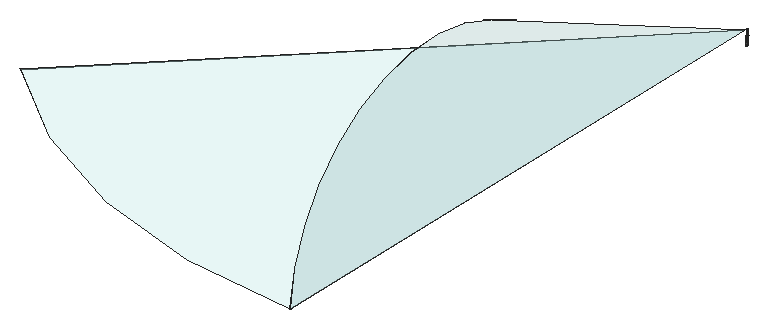
Revit family "Rotor 5000 Series - 5006+PCSAMR", category Acessórios do tubo, Revit 2020
Family settings
  Cota do conector redondo = Utilizar diâmetro
  Tipo de parte = Normal
  Número OmniClass = 23.60.30.11.14
  Título OmniClass = Pipework Fittings
  Com base no plano de trabalho = Não
  Sempre na vertical = Sim
  Corte com vazios quando carregada = Não
  Compartilhado = Não
Parameters (values of type "Rain Curtain 6.0")
  Water = Water
  URL = "https://www.rainbird.com/"
  TABLE 65 = "TABLE 65psi"
  TABLE 55 75 = "TABLE 55 75psi"
  TABLE 55 = "TABLE 55psi"
  TABLE 45 = "TABLE 45psi"
  TABLE 35 = "TABLE 35psi"
  TABLE 25 = "TABLE 25psi"
  SupportProjetos: Reviw Date = ""  # constant formula
  SupportProjetos: Reviw = "R00"  # constant formula
  SupportProjetos: Level of Detail = "LOD 300"  # constant formula
  SupportProjetos: Developed = "MICHEL SOARES MOTA"  # constant formula
  SupportProjetos: Creation Date = "07/08/2020"  # constant formula
  Side inlet = no
  Rotation Water Visibility [instance] = Pop up on  # yes
  Rotation Angle [instance] = 45.00°
  RainBird: Product Link = "https://www.rainbird.com/"
  RainBird: Description = "5006+PC-SAM-R Rotor "  # constant formula
  RainBird: Comment [instance] = ""
  RainBird: Code = "Y65850"  # constant formula
  Radius [instance] = if(and(Pressure = 25.0 psi, Instance < 25 ft), size_lookup(TABLE 25, "Radius", 0 ft, Instance), if(and(Pressure = 35.0 psi, Instance < 25 ft), size_lookup(TABLE 35, "Radius", 0 ft, Instance), if(and(Pressure = 45.0 psi, Instance < 25 ft), size_lookup(TABLE 45, "Radius", 0 ft, Instance), if(and(Pressure = 55.0 psi, Instance < 13 ft), size_lookup(TABLE 55, "Radius", 0 ft, Instance), if(and(Pressure = 65.0 psi, Instance < 13 ft), size_lookup(TABLE 65, "Radius", 0 ft, Instance), if(and(Pressure > 55.0 psi, Instance > 13 ft), size_lookup(TABLE 55 75, "Radius", 0 ft, Instance), 0 ft))))))  # 50 ft
  RT = 0.009893 ft
  RN = 0.032808 ft
  R5 = 0.03937 ft
  R4 = 0.04101 ft
  R3 = 0.065617 ft
  R2 = 0.075407 ft
  R1 = 0.032808 ft
  Pressure [instance] = 55.0 psi
  Pop up height = 0.499 ft  # constant formula
  Pop up on [instance] = yes
  Modelo = "5006+PCSAMR"  # constant formula
  Instance = 7 ft
  H1 = Body height / 3  # 0.268 ft
  Flow [instance] = if(and(Pressure = 25.0 psi, Instance < 25 ft), size_lookup(TABLE 25, "Flow", 0.0 GPM, Instance), if(and(Pressure = 35.0 psi, Instance < 25 ft), size_lookup(TABLE 35, "Flow", 0.0 GPM, Instance), if(and(Pressure = 45.0 psi, Instance < 25 ft), size_lookup(TABLE 45, "Flow", 0.0 GPM, Instance), if(and(Pressure = 55.0 psi, Instance < 13 ft), size_lookup(TABLE 55, "Flow", 0.0 GPM, Instance), if(and(Pressure = 65.0 psi, Instance < 13 ft), size_lookup(TABLE 65, "Flow", 0.0 GPM, Instance), if(and(Pressure > 55.0 psi, Instance > 13 ft), size_lookup(TABLE 55 75, "Flow", 0.0 GPM, Instance), 0.0 GPM))))))  # 6.63 GPM
  Fabricante = "Rain Bird"
  Elevação padrão = 0 ft
  Description = RainBird: Description  # "5006+PC-SAM-R Rotor "
  DD13 = 0.002625 ft
  DD12 = 0.003937 ft
  DD11 = 0.009897 ft
  DD10 = 0.016404 ft
  DD8 [instance] = if(Pop up on, Pop up height, 0 ft)  # 0.499 ft
  DD7 = 0.019685 ft
  DD6 [instance] = 0.016404 ft
  DD5 = 0.065617 ft
  DD4 = 0.032808 ft
  DD3 = 0.091048 ft
  DD2 [instance] = 0.024514 ft
  DD9 [instance] = if(Pop up on, Pop up height + 0.049541 ft, 0 ft)  # 0.548541 ft
  DD1 = 0.006562 ft
  Conection = 0.062664 ft  # constant formula
  Body height = 0.804 ft  # constant formula
  Blue = Blue Plastic
  Black Plastic = Black Plastic
  Angle = 25.00°
Types (25, lengths in ft): name | Rotation Angle | Radius | Pressure | Instance | Flow
  (no name) | 45.00° | 50 | 55.0 psi | 7 | 6.63 GPM
  Rain Curtain 1.5 | 180.00° | 33 | 25.0 psi | 1 | 1.12 GPM
  Rain Curtain 2.0 | 180.00° | 35 | 25.0 psi | 2 | 1.5 GPM
  Rain Curtain 3.0 | 180.00° | 36 | 25.0 psi | 4 | 2.26 GPM
  Rain Curtain 4.0 | 180.00° | 36 | 25.0 psi | 5 | 2.91 GPM
  Rain Curtain 5.0 | 180.00° | 37 | 25.0 psi | 6 | 3.72 GPM
  Rain Curtain 6.0 | 45.00° | 50 | 55.0 psi | 7 | 6.63 GPM
  Rain Curtain 8.0 | 180.00° | 33 | 25.0 psi | 8 | 5.9 GPM
  Rain Curtain 2.5 | 180.00° | 35 | 25.0 psi | 3 | 1.81 GPM
  1.0 LA | 180.00° | 25 | 25.0 psi | 9 | 0.76 GPM
  1.5 LA | 180.00° | 27 | 25.0 psi | 10 | 1.15 GPM
  2.0 LA | 180.00° | 29 | 25.0 psi | 11 | 1.47 GPM
  3.0 LA | 180.00° | 29 | 25.0 psi | 12 | 2.23 GPM
  PRS Rain Curtain 1.5 | 180.00° | 33 | 25.0 psi | 13 | 1.12 GPM
  PRS Rain Curtain 2.0 | 180.00° | 35 | 25.0 psi | 14 | 1.5 GPM
  PRS Rain Curtain 2.5 | 180.00° | 35 | 25.0 psi | 15 | 1.81 GPM
  PRS Rain Curtain 3.0 | 180.00° | 36 | 25.0 psi | 16 | 2.26 GPM
  PRS Rain Curtain 4.0 | 180.00° | 36 | 25.0 psi | 17 | 2.91 GPM
  PRS Rain Curtain 5.0 | 180.00° | 37 | 25.0 psi | 18 | 3.72 GPM
  PRS Rain Curtain 6.0 | 180.00° | 37 | 25.0 psi | 19 | 4.25 GPM
  PRS Rain Curtain 8.0 | 180.00° | 33 | 25.0 psi | 20 | 5.9 GPM
  PRS 1.0 LA | 180.00° | 25 | 25.0 psi | 21 | 0.76 GPM
  PRS 1.5 LA | 180.00° | 27 | 25.0 psi | 22 | 1.15 GPM
  PRS 2.0 LA | 180.00° | 29 | 25.0 psi | 23 | 1.47 GPM
  PRS 3.0 LA | 180.00° | 29 | 25.0 psi | 24 | 2.23 GPM
Reference planes (ft)
  plane 1 "Centro (Frente/Trás)": y = 0
  plane 2: z = 0
  plane 3 "Centro (Esquerda/Direita)": x = 0
  plane 4: z = 0.003937
  plane 5: z = 0.002625
  plane 6: y = -0.065617
Forms (ft)
  Revolve 1, solid, material "Black Plastic" <- "Black Plastic"
    sketch origin (0, 0, 0) x (1, 0, 0) y (0, 0, 1)
      loop
        line (0.075407, -0.091048) -> (0.075407, -0.035324)
        arc (0.075407, -0.035324) -> (0.072509, -0.028329) -> (0.065514, -0.025431) r 0.009893
        line (0.065514, -0.025431) -> (0.046098, -0.025431) -> (0.046098, 0) -> (0.03937, 0) -> (0.03937, -0.499) -> (0.019685, -0.499) -> (0.019685, -0.797438) -> (0.032808, -0.797438) -> (0.032808, -0.804) -> (0.04101, -0.804) -> (0.04101, -0.797438) -> (0.055724, -0.797438)
        arc (0.055724, -0.797438) -> (0.062719, -0.794541) -> (0.065617, -0.787545) r 0.009893
        line (0.065617, -0.787545) -> (0.065617, -0.091048) -> (0.075407, -0.091048)
      axis (0, -0.804) -> (0, 0)
    angle from 0 to 360
  Extrusion 2, solid, material "Black Plastic" <- "Black Plastic"
    sketch origin (0, 0, 0) x (1, 0, 0) y (0, 1, 0)
      loop
        circle (0, 0) r 0.032808
    from -0.499 to 0.499
  Extrusion 3, void
    sketch origin (0, 0, 0) x (1, 0, 0) y (0, 1, 0)
      loop
        circle (0, 0) r 0.022844
    from -0.499 to 0.499
  Revolve 4, solid, material "Black Plastic" <- "Black Plastic"
    sketch origin (0, 0, 0) x (1, 0, 0) y (0, 0, 1)
      loop
        line (0, 0.499) -> (0.037004, 0.499) -> (0.037004, 0.508897)
        arc (0.037004, 0.508897) -> (0.01879, 0.51379) -> (0, 0.515404) r 0.10685
        line (0, 0.515404) -> (0, 0.499)
      axis (0, 0.499) -> (0, 0.515404)
    angle from 0 to 360
  Extrusion 5, solid, material "Blue Plastic" <- "Blue"
    sketch origin (0, 0, 0) x (1, 0, 0) y (0, 0, 1)
      loop
        circle (0, 0.474486) r 0.009129
      loop
        circle (0, 0.474486) r 0.004793
    from 0 to 0.034386
  Extrusion 6, void
    sketch origin (0, 0, 0) x (1, 0, 0) y (0, 0, 1)
      loop
        line (-0.02074, 0.328055) -> (-0.02074, 0.282426) -> (0.020672, 0.282426) -> (0.020672, 0.328055) -> (-0.02074, 0.328055)
      loop
        line (-0.018439, 0.325179) -> (-0.018439, 0.285685) -> (0.018179, 0.285685) -> (0.018179, 0.325179) -> (-0.018439, 0.325179)
    from 0.024556 to 0.06931
  Extrusion 7, solid, material "Black Plastic" <- "Black Plastic"
    sketch origin (0, 0, 0) x (1, 0, 0) y (0, 0, 1)
      loop
        line (0.046098, 0) -> (0.046098, -0.036876) -> (0.073493, -0.036876) -> (0.046098, 0)
    from -0.002998 to 0.002998
  Extrusion 8, solid, material "Black Plastic" <- "Black Plastic"
    sketch origin (0, 0, 0) x (-1, 0, 0) y (0, 0, -1)
      loop
        line (0.046098, 0) -> (0.073493, 0.036876) -> (0.046098, 0.036876) -> (0.046098, 0)
    from -0.002998 to 0.002998
  Extrusion 9, solid, material "Black Plastic" <- "Black Plastic"
    sketch origin (0, 0, 0) x (0.866025, 0.5, 0) y (0, 0, 1)
      loop
        line (0.046098, 0) -> (0.046098, -0.036876) -> (0.073493, -0.036876) -> (0.046098, 0)
    from -0.002998 to 0.002998
  Extrusion 10, solid, material "Black Plastic" <- "Black Plastic"
    sketch origin (0, 0, 0) x (-0.866025, -0.5, 0) y (0, 0, -1)
      loop
        line (0.046098, 0) -> (0.073493, 0.036876) -> (0.046098, 0.036876) -> (0.046098, 0)
    from -0.002998 to 0.002998
  Extrusion 11, solid, material "Black Plastic" <- "Black Plastic"
    sketch origin (0, 0, 0) x (0, 1, 0) y (0, 0, 1)
      loop
        line (0.046098, 0) -> (0.046098, -0.036876) -> (0.073493, -0.036876) -> (0.046098, 0)
    from -0.002998 to 0.002998
  Extrusion 12, solid, material "Black Plastic" <- "Black Plastic"
    sketch origin (0, 0, 0) x (0, -1, 0) y (0, 0, -1)
      loop
        line (0.046098, 0) -> (0.073493, 0.036876) -> (0.046098, 0.036876) -> (0.046098, 0)
    from -0.002998 to 0.002998
  Extrusion 13, solid, material "Black Plastic" <- "Black Plastic"
    sketch origin (0, 0, 0) x (0.5, 0.866025, 0) y (0, 0, 1)
      loop
        line (0.046098, 0) -> (0.046098, -0.036876) -> (0.073493, -0.036876) -> (0.046098, 0)
    from -0.002998 to 0.002998
  Extrusion 14, solid, material "Black Plastic" <- "Black Plastic"
    sketch origin (0, 0, 0) x (-0.5, -0.866025, 0) y (0, 0, -1)
      loop
        line (0.046098, 0) -> (0.073493, 0.036876) -> (0.046098, 0.036876) -> (0.046098, 0)
    from -0.002998 to 0.002998
  Extrusion 15, solid, material "Black Plastic" <- "Black Plastic"
    sketch origin (0, 0, 0) x (-0.5, 0.866025, 0) y (0, 0, 1)
      loop
        line (0.046098, 0) -> (0.046098, -0.036876) -> (0.073493, -0.036876) -> (0.046098, 0)
    from -0.002998 to 0.002998
  Extrusion 16, solid, material "Black Plastic" <- "Black Plastic"
    sketch origin (0, 0, 0) x (0.5, -0.866025, 0) y (0, 0, -1)
      loop
        line (0.046098, 0) -> (0.073493, 0.036876) -> (0.046098, 0.036876) -> (0.046098, 0)
    from -0.002998 to 0.002998
  Extrusion 17, solid, material "Black Plastic" <- "Black Plastic"
    sketch origin (0, 0, 0) x (-0.866025, 0.5, 0) y (0, 0, 1)
      loop
        line (0.046098, 0) -> (0.046098, -0.036876) -> (0.073493, -0.036876) -> (0.046098, 0)
    from -0.002998 to 0.002998
  Extrusion 18, solid, material "Black Plastic" <- "Black Plastic"
    sketch origin (0, 0, 0) x (0.866025, -0.5, 0) y (0, 0, -1)
      loop
        line (0.046098, 0) -> (0.073493, 0.036876) -> (0.046098, 0.036876) -> (0.046098, 0)
    from -0.002998 to 0.002998
  Extrusion 19, void
    sketch origin (0, 0, 0) x (1, 0, 0) y (0, 1, 0)
      loop
        line (-0.002998, 0.077702) -> (-0.002998, 0.071655) -> (0.002998, 0.071655) -> (0.002998, 0.077702) -> (-0.002998, 0.077702)
    from -0.091048 to 0.82021
  Extrusion 20, void
    sketch origin (0, 0, 0) x (1, 0, 0) y (0, 1, 0)
      loop
        line (0.002998, -0.077702) -> (0.002998, -0.071655) -> (-0.002998, -0.071655) -> (-0.002998, -0.077702) -> (0.002998, -0.077702)
    from -0.091048 to 0.82021
  Extrusion 21, void
    sketch origin (0, 0, 0) x (0.965926, 0.258819, 0) y (-0.258819, 0.965926, 0)
      loop
        line (-0.002998, 0.077702) -> (-0.002998, 0.071655) -> (0.002998, 0.071655) -> (0.002998, 0.077702) -> (-0.002998, 0.077702)
    from -0.091048 to 0.82021
  Extrusion 22, void
    sketch origin (0, 0, 0) x (0.965926, 0.258819, 0) y (-0.258819, 0.965926, 0)
      loop
        line (0.002998, -0.077702) -> (0.002998, -0.071655) -> (-0.002998, -0.071655) -> (-0.002998, -0.077702) -> (0.002998, -0.077702)
    from -0.091048 to 0.82021
  Extrusion 23, void
    sketch origin (0, 0, 0) x (0.866025, 0.5, 0) y (-0.5, 0.866025, 0)
      loop
        line (-0.002998, 0.077702) -> (-0.002998, 0.071655) -> (0.002998, 0.071655) -> (0.002998, 0.077702) -> (-0.002998, 0.077702)
    from -0.091048 to 0.82021
  Extrusion 24, void
    sketch origin (0, 0, 0) x (0.866025, 0.5, 0) y (-0.5, 0.866025, 0)
      loop
        line (0.002998, -0.077702) -> (0.002998, -0.071655) -> (-0.002998, -0.071655) -> (-0.002998, -0.077702) -> (0.002998, -0.077702)
    from -0.091048 to 0.82021
  Extrusion 25, void
    sketch origin (0, 0, 0) x (0.5, 0.866025, 0) y (-0.866025, 0.5, 0)
      loop
        line (-0.002998, 0.077702) -> (-0.002998, 0.071655) -> (0.002998, 0.071655) -> (0.002998, 0.077702) -> (-0.002998, 0.077702)
    from -0.091048 to 0.82021
  Extrusion 26, void
    sketch origin (0, 0, 0) x (0.5, 0.866025, 0) y (-0.866025, 0.5, 0)
      loop
        line (0.002998, -0.077702) -> (0.002998, -0.071655) -> (-0.002998, -0.071655) -> (-0.002998, -0.077702) -> (0.002998, -0.077702)
    from -0.091048 to 0.82021
  Extrusion 27, void
    sketch origin (0, 0, 0) x (0.707107, 0.707107, 0) y (-0.707107, 0.707107, 0)
      loop
        line (-0.002998, 0.077702) -> (-0.002998, 0.071655) -> (0.002998, 0.071655) -> (0.002998, 0.077702) -> (-0.002998, 0.077702)
    from -0.091048 to 0.82021
  Extrusion 28, void
    sketch origin (0, 0, 0) x (0.707107, 0.707107, 0) y (-0.707107, 0.707107, 0)
      loop
        line (0.002998, -0.077702) -> (0.002998, -0.071655) -> (-0.002998, -0.071655) -> (-0.002998, -0.077702) -> (0.002998, -0.077702)
    from -0.091048 to 0.82021
  Extrusion 29, void
    sketch origin (0, 0, 0) x (0.258819, 0.965926, 0) y (-0.965926, 0.258819, 0)
      loop
        line (-0.002998, 0.077702) -> (-0.002998, 0.071655) -> (0.002998, 0.071655) -> (0.002998, 0.077702) -> (-0.002998, 0.077702)
    from -0.091048 to 0.82021
  Extrusion 30, void
    sketch origin (0, 0, 0) x (0.258819, 0.965926, 0) y (-0.965926, 0.258819, 0)
      loop
        line (0.002998, -0.077702) -> (0.002998, -0.071655) -> (-0.002998, -0.071655) -> (-0.002998, -0.077702) -> (0.002998, -0.077702)
    from -0.091048 to 0.82021
  Extrusion 31, void
    sketch origin (0, 0, 0) x (0, 1, 0) y (-1, 0, 0)
      loop
        line (-0.002998, 0.077702) -> (-0.002998, 0.071655) -> (0.002998, 0.071655) -> (0.002998, 0.077702) -> (-0.002998, 0.077702)
    from -0.091048 to 0.82021
  Extrusion 32, void
    sketch origin (0, 0, 0) x (0, 1, 0) y (-1, 0, 0)
      loop
        line (0.002998, -0.077702) -> (0.002998, -0.071655) -> (-0.002998, -0.071655) -> (-0.002998, -0.077702) -> (0.002998, -0.077702)
    from -0.091048 to 0.82021
  Extrusion 33, void
    sketch origin (0, 0, 0) x (-0.258819, 0.965926, 0) y (-0.965926, -0.258819, 0)
      loop
        line (-0.002998, 0.077702) -> (-0.002998, 0.071655) -> (0.002998, 0.071655) -> (0.002998, 0.077702) -> (-0.002998, 0.077702)
    from -0.091048 to 0.82021
  Extrusion 34, void
    sketch origin (0, 0, 0) x (-0.258819, 0.965926, 0) y (-0.965926, -0.258819, 0)
      loop
        line (0.002998, -0.077702) -> (0.002998, -0.071655) -> (-0.002998, -0.071655) -> (-0.002998, -0.077702) -> (0.002998, -0.077702)
    from -0.091048 to 0.82021
  Extrusion 35, void
    sketch origin (0, 0, 0) x (-0.5, 0.866025, 0) y (-0.866025, -0.5, 0)
      loop
        line (-0.002998, 0.077702) -> (-0.002998, 0.071655) -> (0.002998, 0.071655) -> (0.002998, 0.077702) -> (-0.002998, 0.077702)
    from -0.091048 to 0.82021
  Extrusion 36, void
    sketch origin (0, 0, 0) x (-0.5, 0.866025, 0) y (-0.866025, -0.5, 0)
      loop
        line (0.002998, -0.077702) -> (0.002998, -0.071655) -> (-0.002998, -0.071655) -> (-0.002998, -0.077702) -> (0.002998, -0.077702)
    from -0.091048 to 0.82021
  Extrusion 37, void
    sketch origin (0, 0, 0) x (-0.707107, 0.707107, 0) y (-0.707107, -0.707107, 0)
      loop
        line (-0.002998, 0.077702) -> (-0.002998, 0.071655) -> (0.002998, 0.071655) -> (0.002998, 0.077702) -> (-0.002998, 0.077702)
    from -0.091048 to 0.82021
  Extrusion 38, void
    sketch origin (0, 0, 0) x (-0.707107, 0.707107, 0) y (-0.707107, -0.707107, 0)
      loop
        line (0.002998, -0.077702) -> (0.002998, -0.071655) -> (-0.002998, -0.071655) -> (-0.002998, -0.077702) -> (0.002998, -0.077702)
    from -0.091048 to 0.82021
  Extrusion 39, void
    sketch origin (0, 0, 0) x (-0.866025, 0.5, 0) y (-0.5, -0.866025, 0)
      loop
        line (-0.002998, 0.077702) -> (-0.002998, 0.071655) -> (0.002998, 0.071655) -> (0.002998, 0.077702) -> (-0.002998, 0.077702)
    from -0.091048 to 0.82021
  Extrusion 40, void
    sketch origin (0, 0, 0) x (-0.866025, 0.5, 0) y (-0.5, -0.866025, 0)
      loop
        line (0.002998, -0.077702) -> (0.002998, -0.071655) -> (-0.002998, -0.071655) -> (-0.002998, -0.077702) -> (0.002998, -0.077702)
    from -0.091048 to 0.82021
  Extrusion 41, void
    sketch origin (0, 0, 0) x (-0.965926, 0.258819, 0) y (-0.258819, -0.965926, 0)
      loop
        line (-0.002998, 0.077702) -> (-0.002998, 0.071655) -> (0.002998, 0.071655) -> (0.002998, 0.077702) -> (-0.002998, 0.077702)
    from -0.091048 to 0.82021
  Extrusion 42, void
    sketch origin (0, 0, 0) x (-0.965926, 0.258819, 0) y (-0.258819, -0.965926, 0)
      loop
        line (0.002998, -0.077702) -> (0.002998, -0.071655) -> (-0.002998, -0.071655) -> (-0.002998, -0.077702) -> (0.002998, -0.077702)
    from -0.091048 to 0.82021
  Extrusion 43, solid, material "Water" <- "Water", visible <- "Rotation Water Visibility"
    sketch origin (0, 0, 0) x (0, 1, 0) y (0, 0, 1)
      loop
        line (-0.032808, 0.474486) -> (-27.969074, 13.50138)
        arc (-27.969074, 13.50138) -> (-42.432078, 12.799272) -> (-50.032808, 0.474486) r 15.534311
        line (-50.032808, 0.474486) -> (-0.032808, 0.474486)
    from -0.008202 to 0.008202
Cuts and joins
  Extrusion 3, Extrusion 6 cuts Extrusion 2
  Extrusion 19, Extrusion 20, Extrusion 21, Extrusion 22, Extrusion 23, Extrusion 24, Extrusion 25, Extrusion 26, Extrusion 27, Extrusion 28, Extrusion 29, Extrusion 30, Extrusion 31, Extrusion 32, Extrusion 33, Extrusion 34, Extrusion 35, Extrusion 36, Extrusion 37, Extrusion 38, Extrusion 39, Extrusion 40, Extrusion 41, Extrusion 42 cuts Revolve 1
Dimensions and locks (ft)
  "Body height": level to Revolve 1 sketch curve
  "R2": Revolve 1 sketch curve to plane 3 "Centro (Esquerda/Direita)"
  "DD1": Revolve 1 sketch curve to Revolve 1 sketch curve
  "DD3": level to Revolve 1 sketch curve
  Revolve 1 sketch curve to plane 3 "Centro (Esquerda/Direita)" = 0.065617 ft
  "R4": Revolve 1 sketch curve to plane 3 "Centro (Esquerda/Direita)"
  "RN": Revolve 1 sketch curve to plane 3 "Centro (Esquerda/Direita)"
  "Pop up height": level to Revolve 1 sketch curve
  "R5": plane 3 "Centro (Esquerda/Direita)" to Revolve 1 sketch curve
  "DD7": Revolve 1 sketch curve to plane 3 "Centro (Esquerda/Direita)"
  "DD8": Extrusion 2 to level
  "DD12": plane 4 to level
  "DD13": plane 5 to level
  "R3": plane 6 to plane 1 "Centro (Frente/Trás)"
  "DD5": Revolve 1 sketch curve to Revolve 1 sketch curve
  "DD10": Revolve 4 sketch curve to Revolve 4 sketch curve
  "DD11": Revolve 4 sketch curve to Revolve 4 sketch curve
  "DD2": Revolve 4 to Extrusion 5 sketch curve  (x2)
  Extrusion 7 to plane 3 "Centro (Esquerda/Direita)" = 0.046098 ft
  equal spacing: Extrusion 7, plane 1 "Centro (Frente/Trás)", Extrusion 7
  Extrusion 8 to Extrusion 8 = 0.005995 ft
  Extrusion 9 to Extrusion 9 = 0.005995 ft
  Extrusion 20 sketch curve to Extrusion 20 sketch curve = 0.005995 ft
  Extrusion 22 sketch curve to Extrusion 22 sketch curve = 0.005995 ft
  Extrusion 24 sketch curve to Extrusion 24 sketch curve = 0.005995 ft
  Extrusion 26 sketch curve to Extrusion 26 sketch curve = 0.005995 ft
  Extrusion 28 sketch curve to Extrusion 28 sketch curve = 0.005995 ft
  Extrusion 30 sketch curve to Extrusion 30 sketch curve = 0.005995 ft
  Extrusion 32 sketch curve to Extrusion 32 sketch curve = 0.005995 ft
  Extrusion 34 sketch curve to Extrusion 34 sketch curve = 0.005995 ft
  Extrusion 36 sketch curve to Extrusion 36 sketch curve = 0.005995 ft
  Extrusion 38 sketch curve to Extrusion 38 sketch curve = 0.005995 ft
  Extrusion 40 sketch curve to Extrusion 40 sketch curve = 0.005995 ft
  Extrusion 42 sketch curve to Extrusion 42 sketch curve = 0.005995 ft
  "DD4": plane 1 "Centro (Frente/Trás)" to Extrusion 43 sketch curve
  "DD2": Revolve 4 to Extrusion 43 sketch curve
  "Radius": Extrusion 43 sketch curve to Extrusion 43 sketch curve
  equal spacing: Extrusion 43, plane 3 "Centro (Esquerda/Direita)", Extrusion 43
  "DD6": Extrusion 43 to Extrusion 43
  "DD2": Revolve 4 to nested 1
  "RT": radius of Revolve 1 sketch curve  (x2)
  "R1": radius of Extrusion 2 sketch curve
  "Angle": angle Extrusion 43 sketch curve to Extrusion 43 sketch curve
  aligned and locked: level to plane 2
  aligned and locked: Revolve 1 sketch curve to Revolve 1 sketch curve
  aligned and locked: Extrusion 2 to Revolve 1
  aligned and locked: cut or joined group of Extrusion 2, Extrusion 3, Extrusion 6 to cut or joined group of Extrusion 2, Extrusion 3, Extrusion 6  (x2)
  aligned and locked: Revolve 4 sketch curve to cut or joined group of Extrusion 2, Extrusion 3, Extrusion 6
  aligned and locked: Extrusion 20 to Revolve 1
  aligned and locked: Extrusion 22 to Revolve 1
  aligned and locked: Extrusion 24 to Revolve 1
  aligned and locked: Extrusion 28 to Revolve 1
  aligned and locked: Extrusion 26 to Revolve 1
  aligned and locked: Extrusion 30 to Revolve 1
  aligned and locked: Extrusion 32 to Revolve 1
  aligned and locked: Extrusion 34 to Revolve 1
  aligned and locked: Revolve 1 to Extrusion 36
  aligned and locked: Revolve 1 to Extrusion 38
  aligned and locked: Extrusion 41 to Revolve 1
  aligned and locked: Extrusion 39 to Revolve 1
  aligned and locked: Extrusion 37 to Revolve 1
  aligned and locked: Extrusion 35 to Revolve 1
  aligned and locked: Extrusion 33 to Revolve 1
  aligned and locked: Extrusion 31 to Revolve 1
  aligned and locked: Extrusion 29 to Revolve 1
  aligned and locked: Revolve 1 to Extrusion 25
  aligned and locked: Revolve 1 to Extrusion 27
  aligned and locked: Revolve 1 to Extrusion 19
  aligned and locked: Revolve 1 to Extrusion 21
  aligned and locked: Revolve 1 to Extrusion 42
  aligned and locked: Revolve 1 to Extrusion 40
  aligned and locked: Revolve 1 to Extrusion 23
Automatic sketch dimensions
  plane 1 "Centro (Frente/Trás)" to Extrusion 2 sketch curve = 0 ft
  Extrusion 2 sketch curve to plane 3 "Centro (Esquerda/Direita)" = 0 ft
  plane 1 "Centro (Frente/Trás)" to Extrusion 3 sketch curve = 0 ft
  Extrusion 3 sketch curve to plane 3 "Centro (Esquerda/Direita)" = 0 ft
  Revolve 4 sketch curve to plane 3 "Centro (Esquerda/Direita)" = 0 ft  (x2)
  plane 3 "Centro (Esquerda/Direita)" to Revolve 4 sketch curve = 0.000284 ft
  plane 3 "Centro (Esquerda/Direita)" to Revolve 4 sketch curve = 0.037004 ft
  Revolve 4 sketch curve to Revolve 4 sketch curve = 0.015719 ft
  Revolve 4 sketch curve to Revolve 4 sketch curve = 0.114829 ft
  Extrusion 5 sketch curve to Extrusion 5 sketch curve = 0 ft
  Extrusion 5 sketch curve to plane 3 "Centro (Esquerda/Direita)" = 0 ft
  Extrusion 6 sketch curve to plane 3 "Centro (Esquerda/Direita)" = 0.02074 ft
  Extrusion 6 sketch curve to Extrusion 6 sketch curve = 0.002301 ft
  plane 3 "Centro (Esquerda/Direita)" to Extrusion 6 sketch curve = 0.018179 ft
  Extrusion 6 sketch curve to Extrusion 6 sketch curve = 0.002492 ft
  plane 4 to Extrusion 6 sketch curve = 0.278489 ft
  Extrusion 6 sketch curve to Extrusion 6 sketch curve = 0.003259 ft
  Extrusion 6 sketch curve to Extrusion 6 sketch curve = 0.039494 ft
  Extrusion 6 sketch curve to Extrusion 6 sketch curve = 0.002876 ft
  Extrusion 7 sketch curve to level = 0 ft
  plane 3 "Centro (Esquerda/Direita)" to Extrusion 7 sketch curve = 0.046098 ft
  Extrusion 7 sketch curve to Extrusion 7 sketch curve = 0.027396 ft
  Extrusion 7 sketch curve to Extrusion 7 sketch curve = 0.036876 ft
  Extrusion 8 sketch curve to level = 0 ft
  plane 3 "Centro (Esquerda/Direita)" to Extrusion 8 sketch curve = 0.046098 ft
  Extrusion 8 sketch curve to Extrusion 8 sketch curve = 0.027396 ft
  Extrusion 8 sketch curve to Extrusion 8 sketch curve = 0.036876 ft
  Extrusion 9 sketch curve to level = 0 ft
  Extrusion 9 sketch curve to level = 0.036876 ft
  Extrusion 9 sketch curve to Extrusion 9 sketch curve = 0.027396 ft
  Extrusion 10 sketch curve to level = 0 ft
  Extrusion 10 sketch curve to level = 0.036876 ft
  Extrusion 10 sketch curve to Extrusion 10 sketch curve = 0.027396 ft
  Extrusion 11 sketch curve to level = 0 ft
  Extrusion 11 sketch curve to plane 1 "Centro (Frente/Trás)" = 0.046098 ft
  Extrusion 11 sketch curve to Extrusion 11 sketch curve = 0.027396 ft
  Extrusion 11 sketch curve to Extrusion 11 sketch curve = 0.036876 ft
  Extrusion 12 sketch curve to level = 0 ft
  plane 6 to Extrusion 12 sketch curve = 0.019519 ft
  Extrusion 12 sketch curve to plane 6 = 0.007877 ft
  Extrusion 12 sketch curve to level = 0.036876 ft
  Extrusion 13 sketch curve to level = 0 ft
  Extrusion 13 sketch curve to level = 0.036876 ft
  Extrusion 13 sketch curve to Extrusion 13 sketch curve = 0.027396 ft
  Extrusion 14 sketch curve to level = 0 ft
  Extrusion 14 sketch curve to level = 0.036876 ft
  Extrusion 14 sketch curve to Extrusion 14 sketch curve = 0.027396 ft
  level to Extrusion 15 sketch curve = 0 ft
  Extrusion 15 sketch curve to level = 0.036876 ft
  Extrusion 15 sketch curve to Extrusion 15 sketch curve = 0.027396 ft
  level to Extrusion 16 sketch curve = 0 ft
  Extrusion 16 sketch curve to level = 0.036876 ft
  Extrusion 16 sketch curve to Extrusion 16 sketch curve = 0.027396 ft
  level to Extrusion 17 sketch curve = 0 ft
  Extrusion 17 sketch curve to level = 0.036876 ft
  Extrusion 17 sketch curve to Extrusion 17 sketch curve = 0.027396 ft
  level to Extrusion 18 sketch curve = 0 ft
  Extrusion 18 sketch curve to level = 0.036876 ft
  Extrusion 18 sketch curve to Extrusion 18 sketch curve = 0.027396 ft
  Extrusion 19 sketch curve to plane 3 "Centro (Esquerda/Direita)" = 0.002998 ft
  Extrusion 19 sketch curve to plane 1 "Centro (Frente/Trás)" = 0.071655 ft
  Extrusion 19 sketch curve to Extrusion 19 sketch curve = 0.006047 ft
  plane 3 "Centro (Esquerda/Direita)" to Extrusion 20 sketch curve = 0.002998 ft
  plane 6 to Extrusion 20 sketch curve = 0.006038 ft
  Extrusion 20 sketch curve to Extrusion 20 sketch curve = 0.006047 ft
  plane 3 "Centro (Esquerda/Direita)" to Extrusion 19 sketch curve = 0.002998 ft
  Extrusion 21 sketch curve to plane 3 "Centro (Esquerda/Direita)" = 0.021441 ft
  Extrusion 21 sketch curve to plane 1 "Centro (Frente/Trás)" = 0.068438 ft
  Extrusion 21 sketch curve to Extrusion 21 sketch curve = 0.005995 ft
  Extrusion 21 sketch curve to Extrusion 21 sketch curve = 0.006047 ft
  Extrusion 22 sketch curve to plane 6 = 0.010213 ft
  plane 3 "Centro (Esquerda/Direita)" to Extrusion 22 sketch curve = 0.017215 ft
  Extrusion 22 sketch curve to Extrusion 22 sketch curve = 0.006047 ft
  Extrusion 23 sketch curve to plane 3 "Centro (Esquerda/Direita)" = 0.038424 ft
  Extrusion 23 sketch curve to plane 1 "Centro (Frente/Trás)" = 0.060556 ft
  Extrusion 23 sketch curve to Extrusion 23 sketch curve = 0.005995 ft
  Extrusion 23 sketch curve to Extrusion 23 sketch curve = 0.006047 ft
  Extrusion 24 sketch curve to plane 6 = 0.003174 ft
  plane 3 "Centro (Esquerda/Direita)" to Extrusion 24 sketch curve = 0.036255 ft
  Extrusion 24 sketch curve to Extrusion 24 sketch curve = 0.006047 ft
  Extrusion 25 sketch curve to plane 1 "Centro (Frente/Trás)" = 0.033231 ft
  Extrusion 25 sketch curve to plane 3 "Centro (Esquerda/Direita)" = 0.063554 ft
  Extrusion 25 sketch curve to Extrusion 25 sketch curve = 0.005995 ft
  Extrusion 25 sketch curve to Extrusion 25 sketch curve = 0.006047 ft
  Extrusion 26 sketch curve to plane 6 = 0.02417 ft
  Extrusion 26 sketch curve to plane 3 "Centro (Esquerda/Direita)" = 0.065793 ft
  Extrusion 26 sketch curve to Extrusion 26 sketch curve = 0.006047 ft
  Extrusion 27 sketch curve to plane 1 "Centro (Frente/Trás)" = 0.048548 ft
  Extrusion 27 sketch curve to plane 3 "Centro (Esquerda/Direita)" = 0.052787 ft
  Extrusion 27 sketch curve to Extrusion 27 sketch curve = 0.005995 ft
  Extrusion 27 sketch curve to Extrusion 27 sketch curve = 0.006047 ft
  plane 6 to Extrusion 28 sketch curve = 0.008554 ft
  plane 3 "Centro (Esquerda/Direita)" to Extrusion 28 sketch curve = 0.052824 ft
  Extrusion 28 sketch curve to Extrusion 28 sketch curve = 0.006047 ft
  Extrusion 29 sketch curve to plane 1 "Centro (Frente/Trás)" = 0.01565 ft
  Extrusion 29 sketch curve to plane 3 "Centro (Esquerda/Direita)" = 0.069989 ft
  Extrusion 29 sketch curve to Extrusion 29 sketch curve = 0.005995 ft
  Extrusion 29 sketch curve to Extrusion 29 sketch curve = 0.006047 ft
  plane 1 "Centro (Frente/Trás)" to Extrusion 30 sketch curve = 0.023006 ft
  plane 3 "Centro (Esquerda/Direita)" to Extrusion 30 sketch curve = 0.074278 ft
  Extrusion 30 sketch curve to Extrusion 30 sketch curve = 0.006047 ft
  plane 1 "Centro (Frente/Trás)" to Extrusion 31 sketch curve = 0.002998 ft
  Extrusion 31 sketch curve to plane 1 "Centro (Frente/Trás)" = 0.002998 ft
  Extrusion 31 sketch curve to plane 3 "Centro (Esquerda/Direita)" = 0.071655 ft
  Extrusion 31 sketch curve to Extrusion 31 sketch curve = 0.006047 ft
  plane 1 "Centro (Frente/Trás)" to Extrusion 32 sketch curve = 0.002998 ft
  plane 3 "Centro (Esquerda/Direita)" to Extrusion 32 sketch curve = 0.077702 ft
  Extrusion 32 sketch curve to Extrusion 32 sketch curve = 0.006047 ft
  plane 1 "Centro (Frente/Trás)" to Extrusion 33 sketch curve = 0.021441 ft
  Extrusion 33 sketch curve to plane 3 "Centro (Esquerda/Direita)" = 0.068438 ft
  Extrusion 33 sketch curve to Extrusion 33 sketch curve = 0.005995 ft
  Extrusion 33 sketch curve to Extrusion 33 sketch curve = 0.006047 ft
  Extrusion 34 sketch curve to plane 1 "Centro (Frente/Trás)" = 0.017215 ft
  plane 3 "Centro (Esquerda/Direita)" to Extrusion 34 sketch curve = 0.07583 ft
  Extrusion 34 sketch curve to Extrusion 34 sketch curve = 0.006047 ft
  plane 6 to Extrusion 35 sketch curve = 0.027193 ft
  Extrusion 35 sketch curve to plane 3 "Centro (Esquerda/Direita)" = 0.060556 ft
  Extrusion 35 sketch curve to Extrusion 35 sketch curve = 0.005995 ft
  Extrusion 35 sketch curve to Extrusion 35 sketch curve = 0.006047 ft
  Extrusion 36 sketch curve to plane 1 "Centro (Frente/Trás)" = 0.036255 ft
  plane 3 "Centro (Esquerda/Direita)" to Extrusion 36 sketch curve = 0.068791 ft
  Extrusion 36 sketch curve to Extrusion 36 sketch curve = 0.006047 ft
  plane 6 to Extrusion 37 sketch curve = 0.012829 ft
  Extrusion 37 sketch curve to plane 3 "Centro (Esquerda/Direita)" = 0.048548 ft
  Extrusion 37 sketch curve to Extrusion 37 sketch curve = 0.005995 ft
  Extrusion 37 sketch curve to Extrusion 37 sketch curve = 0.006047 ft
  Extrusion 38 sketch curve to plane 1 "Centro (Frente/Trás)" = 0.052824 ft
  plane 3 "Centro (Esquerda/Direita)" to Extrusion 38 sketch curve = 0.057063 ft
  Extrusion 38 sketch curve to Extrusion 38 sketch curve = 0.006047 ft
  plane 6 to Extrusion 39 sketch curve = 0.002063 ft
  Extrusion 39 sketch curve to plane 3 "Centro (Esquerda/Direita)" = 0.033231 ft
  Extrusion 39 sketch curve to Extrusion 39 sketch curve = 0.005995 ft
  Extrusion 39 sketch curve to Extrusion 39 sketch curve = 0.006047 ft
  plane 3 "Centro (Esquerda/Direita)" to Extrusion 40 sketch curve = 0.041447 ft
  Extrusion 40 sketch curve to plane 1 "Centro (Frente/Trás)" = 0.065793 ft
  Extrusion 40 sketch curve to Extrusion 40 sketch curve = 0.006047 ft
  Extrusion 41 sketch curve to plane 6 = 0.004372 ft
  Extrusion 41 sketch curve to plane 3 "Centro (Esquerda/Direita)" = 0.01565 ft
  Extrusion 41 sketch curve to Extrusion 41 sketch curve = 0.005995 ft
  Extrusion 41 sketch curve to Extrusion 41 sketch curve = 0.006047 ft
  plane 3 "Centro (Esquerda/Direita)" to Extrusion 42 sketch curve = 0.023006 ft
  Extrusion 42 sketch curve to plane 1 "Centro (Frente/Trás)" = 0.074278 ft
  Extrusion 42 sketch curve to Extrusion 42 sketch curve = 0.006047 ft
  Revolve 1 sketch curve to plane 3 "Centro (Esquerda/Direita)" = 0 ft
  Revolve 1 sketch curve to level = 0 ft
  Revolve 1 sketch curve to Revolve 1 sketch curve = 0.019416 ft
  plane 4 to Revolve 1 sketch curve = 0.079347 ft
  Revolve 1 sketch curve to Revolve 1 sketch curve = 0.918635 ft
  Extrusion 43 sketch curve to level = 0.577487 ft
  radius of Extrusion 3 sketch curve = 0.022844 ft
  radius of Extrusion 5 sketch curve = 0.009129 ft
  radius of Extrusion 5 sketch curve = 0.004793 ft
Nested families (ft)
  nested 1: "Water" at (-0.000255, 0, 0.355229) x (0, -1, 0) z (0, 0, 1), DT9 <- "DD4", Radius <- "Radius", visible <- "Rotation Water Visibility", Rotation Angle <- "Rotation Angle", type "Water"
    with Rotation Angle 45.00°, Radius 50 ft, DT9 0.032808 ft, DT8 0 ft, DT7 200 ft, DT4 250 ft, Angle 2 315.00°
Connectors (ft)
  piping at (0, 0, -0.804), diameter 2
    settings: on cut or joined group of Revolve 1, Extrusion 19, Extrusion 20, Extrusion 21, Extrusion 22, Extrusion 23, Extrusion 24, Extrusion 25, Extrusion 26, Extrusion 27, Extrusion 28, Extrusion 29, Extrusion 30, Extrusion 31, Extrusion 32, Extrusion 33, Extrusion 34, Extrusion 35, Extrusion 36, Extrusion 37, Extrusion 38, Extrusion 39, Extrusion 40, Extrusion 41, Extrusion 42, index 1, connector inside diameter 609.6 mm, connector length 0 ft, flow factor 0, pipe flow 0.0 GPM, pressure drop 0.0 psi, fitting loss kfactor 0, connector angle 0.00°, fixture units 0, engagement length 0 ft, angle of deflection 0.00°, flow configuration 0, flow direction 0, fitting loss method 0, system type 28, joint type 0, gender type 0, connector reference index -1, connector utility 0, adjustable connector no, is connector primary yes, connector description ""
Definition of nested family "Water"
  Parameters (values of type "Water")
    Water Visibility (Circle) = yes
    Water = none
    URL = ""
    SupportProjetos: Reviw Date = ""  # constant formula
    SupportProjetos: Level of Detail = "LOD 300"  # constant formula
    SupportProjetos: Developed = "MICHEL SOARES MOTA"  # constant formula
    SupportProjetos: Creation Date = "16/07/2020"  # constant formula
    Rotation Angle [instance] = 90.00°
    Reviw = "R00"  # constant formula
    Radius [instance] = 14 ft
    Model = ""
    Default Elevation = 4 ft
    Description = ""
    DT9 [instance] = 0.032808 ft
    DT8 [instance] = if(Rotation Angle = 360.00°, 10 ft, 0 ft)  # 0 ft
    DT7 [instance] = 4 * Radius  # 56 ft
    DT4 [instance] = 5 * Radius  # 70 ft
    DT2 = 0.098425 ft  # constant formula
    DT6 = 0 ft
    Angle 2 [instance] = if(Rotation Angle = 360.00°, 180.00°, 360.00° - Rotation Angle)  # 270.00°
  Reference planes (ft)
    plane 1 "Centro (Frente/Trás)": y = 0
    plane 2: z = 0
    plane 3 "Centro (Esquerda/Direita)": x = 0
  Forms (ft)
    Revolve 1, solid, material <- "Water", visible <- "Water Visibility (Circle)"
      sketch origin (0, 0, 0) x (1, 0, 0) y (0, 0, 1)
        loop
          line (0.032808, 0.098425) -> (14.032808, 0.098425) -> (14.032808, 0.119259) -> (0.032808, 0.119259) -> (0.032808, 0.098425)
        axis (0, 0.098425) -> (0, 0.119259)
      angle from 0 to 360
    Extrusion 2, void
      sketch origin (0, 0, 0) x (1, 0, 0) y (0, 1, 0)
        loop
          line (0, 0) -> (70, 0) -> (70, 56)
          arc (70, 56) -> (-70.459018, 51.588344) -> (0, -70) r 81.847109
          line (0, -70) -> (0, 0)
      from 0 to 15.189231
  Cuts and joins
    Extrusion 2 cuts Revolve 1
  Dimensions and locks (ft)
    "DT2": Revolve 1 sketch curve to level
    "DT4": Extrusion 2 sketch curve to Extrusion 2 sketch curve  (x2)
    "DT6": Extrusion 2 sketch curve to plane 3 "Centro (Esquerda/Direita)"
    "DT7": Extrusion 2 sketch curve to Extrusion 2 sketch curve
    "DT8": cut or joined group of Revolve 1, Extrusion 2 to level
    "Radius": Revolve 1 sketch curve to Revolve 1 sketch curve
    "DT9": Revolve 1 sketch curve to plane 3 "Centro (Esquerda/Direita)"
    "Angle 2": angle Extrusion 2 sketch curve to Extrusion 2 sketch curve
    aligned and locked: level to plane 2
    aligned and locked: plane 1 "Centro (Frente/Trás)" to Extrusion 2 sketch curve
  Automatic sketch dimensions
    plane 3 "Centro (Esquerda/Direita)" to Extrusion 2 sketch curve = 1.088227 ft
    Revolve 1 sketch curve to plane 3 "Centro (Esquerda/Direita)" = 0 ft
    Revolve 1 sketch curve to Revolve 1 sketch curve = 0.020833 ft
    Revolve 1 sketch curve to Revolve 1 sketch curve = 0.032113 ft
    Revolve 1 sketch curve to Revolve 1 sketch curve = 10.2693 ft
